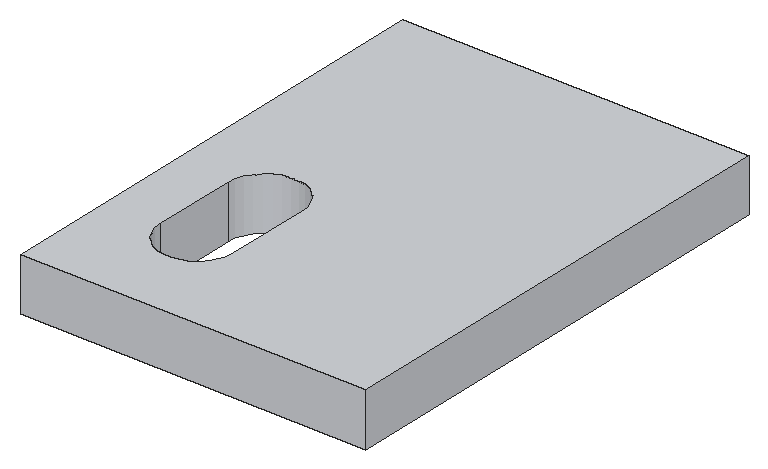
Revit family "Washer Plate", category Structural Connections, Revit 2024
Family settings
  Material for Model Behavior = Other
  Work Plane-Based = No
  Enable Cutting in Views = Yes
  Always vertical = Yes
  Cut with Voids When Loaded = No
  Shared = No
Parameters (values of type "90x65x10mm")
  Width = 65 mm
  Weight = 0.00 kgf/m
  Thickness = 10 mm
  SlotPosition [instance] = if(Left, 20 mm, 54 mm)  # 20 mm
  Reported Length = Depth  # 90 mm
  Left [instance] = yes
  Depth = 90 mm
  BOM_Weight = 0.00 kN
Reference planes
  plane 1 "Center (Front/Back)": y = 0
  plane 2: z = 0
  plane 3 "Center (Left/Right)": x = 0
  plane 4: x = 32.5
  plane 5: x = -32.5
  plane 6: y = 45
  plane 7: y = -45
  plane 8: z = 10
  plane 9: y = -25
  plane 10: y = -9
  plane 11: x = -22.168
  plane 12: x = -8.247
Forms (mm)
  Extrusion 1, solid
    sketch origin (0, 0, 0) x (1, 0, 0) y (0, 1, 0)
      loop
        line (-32.5, 45) -> (-32.5, -45) -> (32.5, -45) -> (32.5, 45) -> (-32.5, 45)
      loop
        arc (-22.168, -25) -> (-15.207, -31.961) -> (-8.247, -25) r 6.961
        line (-8.247, -25) -> (-8.247, -9)
        arc (-8.247, -9) -> (-15.207, -2.039) -> (-22.168, -9) r 6.961
        line (-22.168, -9) -> (-22.168, -25)
    from 0 to 10
Dimensions and locks
  equal spacing: plane 5, plane 3 "Center (Left/Right)", plane 4
  "Width": plane 5 to plane 4
  equal spacing: plane 6, plane 1 "Center (Front/Back)", plane 7
  "Depth": plane 6 to plane 7
  "Thickness": plane 8 to plane 2
  plane 5 to plane 11 = 10.332 mm
  plane 11 to plane 12 = 13.922 mm
  "SlotPosition": plane 9 to plane 7
  locked: plane 10 to plane 9 at 16
  radius of Extrusion 1 sketch curve = 6.961 mm  (x2)
  aligned and locked: level to plane 2
  aligned and locked: Extrusion 1 sketch curve to plane 6
  aligned and locked: plane 5 to Extrusion 1 sketch curve
  aligned and locked: plane 7 to Extrusion 1 sketch curve
  aligned and locked: Extrusion 1 sketch curve to plane 4
  aligned and locked: plane 8 to Extrusion 1
  aligned and locked: Extrusion 1 to level
  aligned and locked: Extrusion 1 sketch curve to plane 11
  aligned and locked: Extrusion 1 sketch curve to plane 12
Automatic sketch dimensions
  Extrusion 1 sketch curve to plane 9 = 0 mm
  Extrusion 1 sketch curve to plane 10 = 0 mm
